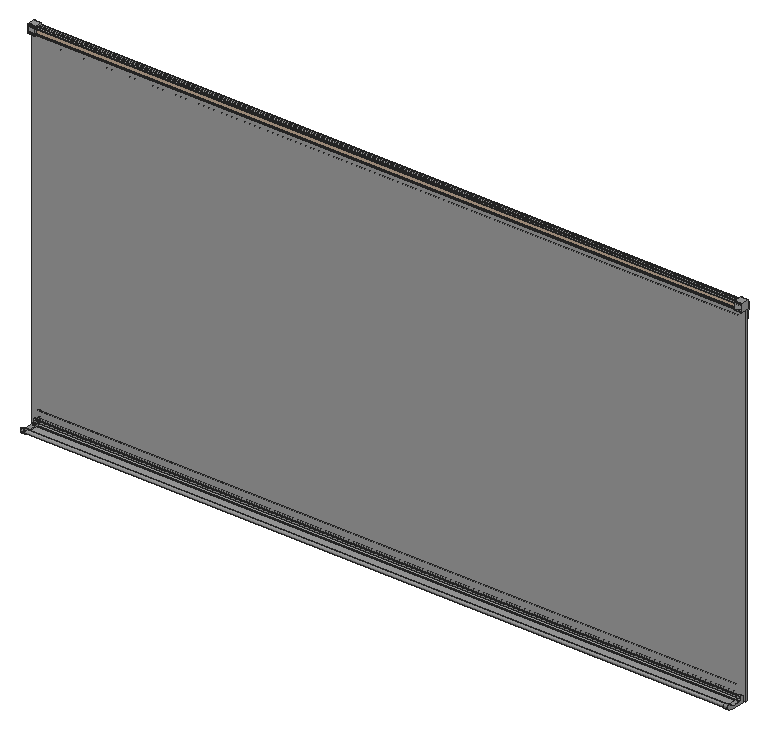
Revit family "Liso Glass Wall 4x8", category Generic Models, Revit 2018
Family settings
  Can host rebar = No
  Round Connector Dimension = Use Diameter
  Part Type = Normal
  Work Plane-Based = No
  Always vertical = Yes
  Cut with Voids When Loaded = No
  Shared = No
  Room Calculation Point = No
Parameters
  Panel = Liso Glass Wall 4x8 Panel
Reference planes (in)
  plane 1 "Center (Front/Back)": y = 0
  plane 2: z = 0
  plane 3 "Center (Left/Right)": x = 0
Forms (in)
  Extrusion 1, solid, material "Liso Glass Wall Trim Metal"
    sketch origin (-23.62205, 0, 18) x (0, 1, 0) y (0, 0, 1)
      loop
        line (-0.28802, 12.71551) -> (-0.28802, 12.22363) -> (-0.48802, 12.22363) -> (-0.48802, 12.77363) -> (-0.60087, 12.77363)
        arc (-0.60087, 12.77363) -> (-0.62209, 12.76485) -> (-0.63087, 12.74363) r 0.03
        line (-0.63087, 12.74363) -> (-0.63087, 12.45418)
        arc (-0.63087, 12.45418) -> (-0.67788, 12.32564) -> (-0.79672, 12.25776) r 0.19924
        arc (-0.79672, 12.25776) -> (-0.86084, 12.24904) -> (-0.92548, 12.24613) r 0.7187
        line (-0.92548, 12.24613) -> (-1.97548, 12.24613)
        arc (-1.97548, 12.24613) -> (-2.26159, 12.30205) -> (-2.50559, 12.4616) r 0.75985
        arc (-2.50559, 12.4616) -> (-2.80704, 12.55283) -> (-2.79142, 12.23827) r 0.19261
        arc (-2.79142, 12.23827) -> (-2.48945, 12.06146) -> (-2.14496, 12) r 0.99607
        line (-2.14496, 12) -> (0, 12) -> (0, 12.30193)
        arc (0, 12.30193) -> (-0.0275, 12.32943) -> (-0.055, 12.30193) r 0.0275
        line (-0.055, 12.30193) -> (-0.055, 12.20843) -> (-0.20802, 12.20843) -> (-0.20802, 12.69439) -> (-0.0848, 12.81762)
        arc (-0.0848, 12.81762) -> (-0.06815, 12.82253) -> (-0.055, 12.81121) r 0.01814
        line (-0.055, 12.81121) -> (-0.055, 12.65693)
        arc (-0.055, 12.65693) -> (-0.0275, 12.62943) -> (0, 12.65693) r 0.0275
        line (0, 12.65693) -> (0, 13.70847)
        arc (0, 13.70847) -> (-0.03996, 13.74843) -> (-0.07993, 13.70847) r 0.03996
        line (-0.07993, 13.70847) -> (-0.07993, 13.62094)
        arc (-0.07993, 13.62094) -> (-0.07047, 13.60109) -> (-0.05, 13.59302) r 0.03
        line (-0.05, 13.59302) -> (-0.05, 13.15338)
        arc (-0.05, 13.15338) -> (-0.07121, 13.14459) -> (-0.08, 13.12338) r 0.03
        line (-0.08, 13.12338) -> (-0.08, 12.92353) -> (-0.28802, 12.71551)
    from -23.31295 to 70.55705
  Extrusion 2, solid, material "Liso Glass Wall Trim Metal"
    sketch origin (-23.62205, 0, -5.35978) x (0, 1, 0) y (0, 0, 1)
      loop
        line (0, 83.04907) -> (-0.645, 83.04907)
        arc (-0.645, 83.04907) -> (-0.70089, 83.02419) -> (-0.7198, 82.966) r 0.07521
        arc (-0.7198, 82.966) -> (-0.66833, 82.72387) -> (-0.56764, 82.49772) r 1.18412
        arc (-0.56764, 82.49772) -> (-0.44963, 82.3733) -> (-0.28802, 82.31595) r 0.36764
        arc (-0.28802, 82.31595) -> (-0.27338, 82.27072) -> (-0.23409, 82.24395) r 0.0734
        line (-0.23409, 82.24395) -> (-0.1, 82.20802) -> (-0.1, 81.00078)
        arc (-0.1, 81.00078) -> (-0.05, 80.95078) -> (0, 81.00078) r 0.05
        line (0, 81.00078) -> (0, 83.04907)
    from -23.81795 to 71.06205
  Extrusion 3, solid, material "Liso Glass Wall 4x8 Panel" <- "Panel"
    sketch origin (-23.62205, 0, -5.35978) x (0, 1, 0) y (0, 0, 1)
      loop
        line (-0.48802, 35.58341) -> (-0.28802, 35.58341) -> (-0.28802, 83.08978) -> (-0.48802, 83.08978) -> (-0.48802, 35.58341)
    from -23.81795 to 71.06205
  Extrusion 4, solid, material "Liso Glass Wall Trim Black"
    sketch origin (0.74473, 0, 18) x (0, 1, 0) y (0, 0, 1)
      loop
        line (-0.48802, 12.80488) -> (-0.60087, 12.80488)
        arc (-0.60087, 12.80488) -> (-0.64418, 12.78694) -> (-0.66212, 12.74363) r 0.06125
        line (-0.66212, 12.74363) -> (-0.66212, 12.45418)
        arc (-0.66212, 12.45418) -> (-0.70181, 12.34573) -> (-0.80213, 12.28853) r 0.16799
        arc (-0.80213, 12.28853) -> (-0.86355, 12.28017) -> (-0.92548, 12.27738) r 0.68745
        line (-0.92548, 12.27738) -> (-1.97548, 12.27738)
        arc (-1.97548, 12.27738) -> (-2.24646, 12.32965) -> (-2.47857, 12.47895) r 0.7286
        arc (-2.47857, 12.47895) -> (-2.82851, 12.57569) -> (-2.81005, 12.2131) r 0.22386
        arc (-2.81005, 12.2131) -> (-2.49924, 12.03177) -> (-2.14496, 11.96875) r 1.02732
        line (-2.14496, 11.96875) -> (-0.48802, 11.96875) -> (-0.48802, 12.80488)
    from 45.75863 to 46.29027
  Extrusion 5, solid, material "Liso Glass Wall Trim Metal"
    sketch origin (11.575, -0.12998, -0.08918) x (0, 1, 0) y (0, 0, 1)
      loop
        line (-0.045, 77.82375) -> (-0.90502, 77.82375) -> (-0.90502, 77.91496)
        arc (-0.90502, 77.91496) -> (-0.93002, 77.93996) -> (-0.95502, 77.91496) r 0.025
        line (-0.95502, 77.91496) -> (-0.95502, 77.73113)
        arc (-0.95502, 77.73113) -> (-0.93502, 77.71113) -> (-0.91502, 77.73113) r 0.02
        line (-0.91502, 77.73113) -> (-0.91502, 77.77875) -> (-0.645, 77.77875) -> (-0.645, 77.14376) -> (-0.91502, 77.14376) -> (-0.91502, 77.19114)
        arc (-0.91502, 77.19114) -> (-0.93502, 77.21114) -> (-0.95502, 77.19114) r 0.02
        line (-0.95502, 77.19114) -> (-0.95502, 77.00732)
        arc (-0.95502, 77.00732) -> (-0.93002, 76.98232) -> (-0.90502, 77.00732) r 0.025
        line (-0.90502, 77.00732) -> (-0.90502, 77.09876) -> (-0.6, 77.09876) -> (-0.6, 77.77875) -> (-0.09, 77.77875) -> (-0.09, 77.25375)
        arc (-0.09, 77.25375) -> (-0.0675, 77.23875) -> (-0.045, 77.25375) r 0.02437
        line (-0.045, 77.25375) -> (-0.045, 77.82375)
    from -59.015 to 35.865
  Extrusion 6, solid, material "Liso Glass Wall Map Rail"
    sketch origin (11.575, -0.12998, -0.08918) x (0, 1, 0) y (0, 0, 1)
      loop
        line (-0.91502, 77.77875) -> (-0.91502, 77.14376) -> (-0.66502, 77.14376) -> (-0.66502, 77.77875) -> (-0.91502, 77.77875)
    from -59.015 to 35.865
  Extrusion 7, solid, material "Liso Glass Wall Trim Black"
    sketch origin (0.74473, 0, 18) x (0, 1, 0) y (0, 0, 1)
      loop
        line (-0.48802, 12.80488) -> (-0.60087, 12.80488)
        arc (-0.60087, 12.80488) -> (-0.64418, 12.78694) -> (-0.66212, 12.74363) r 0.06125
        line (-0.66212, 12.74363) -> (-0.66212, 12.45418)
        arc (-0.66212, 12.45418) -> (-0.70181, 12.34573) -> (-0.80213, 12.28853) r 0.16799
        arc (-0.80213, 12.28853) -> (-0.86355, 12.28017) -> (-0.92548, 12.27738) r 0.68745
        line (-0.92548, 12.27738) -> (-1.97548, 12.27738)
        arc (-1.97548, 12.27738) -> (-2.24646, 12.32965) -> (-2.47857, 12.47895) r 0.7286
        arc (-2.47857, 12.47895) -> (-2.82851, 12.57569) -> (-2.81005, 12.2131) r 0.22386
        arc (-2.81005, 12.2131) -> (-2.49924, 12.03177) -> (-2.14496, 11.96875) r 1.02732
        line (-2.14496, 11.96875) -> (-0.48802, 11.96875) -> (-0.48802, 12.80488)
    from 45.75863 to 46.29027
  Extrusion 8, solid, material "Liso Glass Wall Trim Black"
    sketch origin (-0.74473, 0, 18) x (0, 1, 0) y (0, 0, -1)
      loop
        line (-0.48802, -12.80488) -> (-0.48802, -11.96875) -> (-2.14496, -11.96875)
        arc (-2.14496, -11.96875) -> (-2.49924, -12.03177) -> (-2.81005, -12.2131) r 1.02732
        arc (-2.81005, -12.2131) -> (-2.82851, -12.57569) -> (-2.47857, -12.47895) r 0.22386
        arc (-2.47857, -12.47895) -> (-2.24646, -12.32965) -> (-1.97548, -12.27738) r 0.7286
        line (-1.97548, -12.27738) -> (-0.92548, -12.27738)
        arc (-0.92548, -12.27738) -> (-0.86355, -12.28017) -> (-0.80213, -12.28853) r 0.68745
        arc (-0.80213, -12.28853) -> (-0.70181, -12.34573) -> (-0.66212, -12.45418) r 0.16799
        line (-0.66212, -12.45418) -> (-0.66212, -12.74363)
        arc (-0.66212, -12.74363) -> (-0.64418, -12.78694) -> (-0.60087, -12.80488) r 0.06125
        line (-0.60087, -12.80488) -> (-0.48802, -12.80488)
    from 45.75863 to 46.29027
Dimensions and locks (in)
  aligned and locked: plane 2 to level
Nested families (in)
  nested 1: "Porcelain Steel Top Corner" at (-0.51, -0.13998, 23.59789), type "Porcelain Steel Top Corner"
  nested 2: "Porcelain Steel Top Corner" at (0.51, -0.13998, 23.59789) x (-1, 0, 0) z (0, 0, 1), type "Porcelain Steel Top Corner"
Definition of nested family "Porcelain Steel Top Corner"
  Parameters (values of type "Porcelain Steel Top Corner")
    Width = 8' - 0"
  Reference planes (in)
    plane 1 "Center (Front/Back)": y = 0
    plane 2: z = 0
    plane 3 "Center (Left/Right)": x = 0
  Forms (in)
    Extrusion 1, solid
      sketch origin (0, 0, 0) x (0, 1, 0) y (0, 0, 1)
        loop
          line (-1.00502, 54.2214) -> (-1.00502, 53.31353)
          arc (-1.00502, 53.31353) -> (-0.98012, 53.25343) -> (-0.92002, 53.22853) r 0.085
          line (-0.92002, 53.22853) -> (-0.92002, 54.3064)
          arc (-0.92002, 54.3064) -> (-0.98012, 54.28151) -> (-1.00502, 54.2214) r 0.085
      from 47.01 to 47.95
    Extrusion 2, solid
      sketch origin (0, 0, 0) x (0, 1, 0) y (0, 0, 1)
        loop
          line (0.01687, 54.3064) -> (-0.92502, 54.3064)
          arc (-0.92502, 54.3064) -> (-0.94623, 54.29762) -> (-0.95502, 54.2764) r 0.03
          line (-0.95502, 54.2764) -> (-0.95502, 53.25853)
          arc (-0.95502, 53.25853) -> (-0.94623, 53.23732) -> (-0.92502, 53.22853) r 0.03
          line (-0.92502, 53.22853) -> (0.01687, 53.22853)
          arc (0.01687, 53.22853) -> (0.03809, 53.23732) -> (0.04687, 53.25853) r 0.03
          line (0.04687, 53.25853) -> (0.04687, 54.2764)
          arc (0.04687, 54.2764) -> (0.03809, 54.29762) -> (0.01687, 54.3064) r 0.03
      from 47.01 to 48
    Extrusion 3, solid
      sketch origin (0, 0, 0) x (1, 0, 0) y (0, 1, 0)
        loop
          line (48, -0.95502) -> (47.95, -0.95502) -> (47.95, -1.00502)
          arc (47.95, -1.00502) -> (47.98536, -0.99037) -> (48, -0.95502) r 0.05
      from 53.31353 to 54.2214
  Dimensions and locks (in)
    aligned and locked: plane 2 to level
